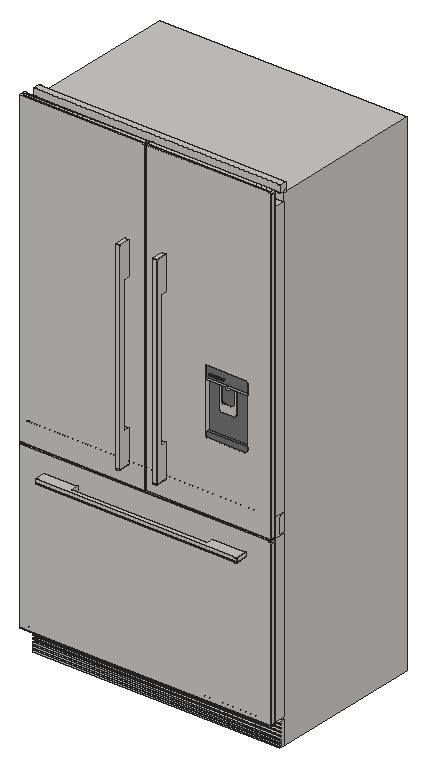
Revit family "011_FP_TheKitchenTools_RS36A72U1_Fridge", category Generic Models, Revit 2013
Parameters
  Width = 896 mm
  URL = "https://www.fisherpaykel.com/nz/kitchen/fridges-freezers/french-door/"
  Model = "RS36A72U1_Fridge"
  Manufacturer = "Fisher & Paykel"
  Main = Stainless Steel, Polished
  Legs = Rubber, Black
  Height = 1824.931 mm
  Handles = Stainless Steel, Polished
  Grille = Stainless Steel, Polished
  Doors = Stainless Steel, Polished
  Depth = 606.321 mm
Reference planes
  plane 1 "Center (Front/Back)": y = 0
  plane 2: z = 0
  plane 3 "Center (Left/Right)": x = 0
  plane 4: y = 10.015
Dimensions and locks
  plane 4 to plane 1 "Center (Front/Back)" = 10.015 mm
  aligned and locked: plane 2 to level
Nested families
  nested 1: "Fridge11" at (0, 0, -0.131), type "Fridge11"
Definition of nested family "Fridge11"
  Parameters (values of type "Fridge11")
    width = 896 mm
    height = 1824.931 mm
    depth = 606.321 mm
    Main = Stainless Steel, Polished
    Legs = Rubber, Black
    Ice = Rubber, Black
    Handles = Stainless Steel, Polished
    Grille = Stainless Steel, Polished
    Doors = Stainless Steel, Polished
  Reference planes
    plane 1 "Center (Front/Back)": y = 0
    plane 2: z = 0
    plane 3 "Center (Left/Right)": x = 0
    plane 4: x = -448
    plane 5: x = 448
    plane 6: x = -445
    plane 7: x = 445
    plane 8: y = 618
    plane 9: y = 68
    plane 10: z = 1798
    plane 11: z = 1493.8
    plane 12: z = 1392.201
    plane 13: z = 1793.5
    plane 14: z = 762.6
    plane 15: z = 759.5
    plane 16: z = 697.5
    plane 17: z = 692.5
    plane 18: z = 702
    plane 19: z = 698
    plane 20: x = -438
    plane 21: x = 59
    plane 22: x = 75
    plane 23: x = 444
    plane 24 "Ice": y = 8
    plane 25: y = 18
    plane 26: y = 13
    plane 27: y = 1.046
    plane 28 "Top": z = 1824.931
    plane 29: x = 449.2
    plane 30: x = -2
    plane 31: x = 2
    plane 32: z = 1157.731
  Forms (mm)
    Extrusion 1, solid, material "Stainless Steel, Polished" <- "Main"
      sketch origin (0, 0, 0) x (0, 1, 0) y (0, 0, 1)
        loop
          line (621, 6.131) -> (621, 1793.631) -> (68, 1793.631) -> (68, 6.131) -> (621, 6.131)
      from -445 to 445
    Extrusion 2, solid, material "Stainless Steel, Polished" <- "Main"
      sketch origin (0, 0, 0) x (0, 1, 0) y (0, 0, 1)
        loop
          arc (51.996, 759.631) -> (51.292, 759.34) -> (51, 758.636) r 0.996
          line (51, 758.636) -> (51, 698.631)
          arc (51, 698.631) -> (51.293, 697.924) -> (52, 697.631) r 1
          line (52, 697.631) -> (67, 697.631)
          arc (67, 697.631) -> (67.707, 697.338) -> (68, 696.631) r 1
          line (68, 696.631) -> (68, 760.631)
          arc (68, 760.631) -> (67.707, 759.924) -> (67, 759.631) r 1
          line (67, 759.631) -> (51.996, 759.631)
      from -445 to 445
    Extrusion 3, solid, material "Stainless Steel, Polished" <- "Main"
      sketch origin (0, 0, 0) x (0, 1, 0) y (0, 0, 1)
        loop
          line (68, 692.631) -> (22.1, 692.631)
          arc (22.1, 692.631) -> (21.322, 692.309) -> (21, 691.531) r 1.1
          line (21, 691.531) -> (21, 101.731)
          arc (21, 101.731) -> (21.322, 100.954) -> (22.1, 100.631) r 1.1
          line (22.1, 100.631) -> (68, 100.631) -> (68, 692.631)
        loop
          line (68, 762.731) -> (68, 1763.731) -> (22.089, 1763.731)
          arc (22.089, 1763.731) -> (21.319, 1763.412) -> (21, 1762.642) r 1.089
          line (21, 1762.642) -> (21, 763.825)
          arc (21, 763.825) -> (21.32, 763.052) -> (22.093, 762.731) r 1.093
          line (22.093, 762.731) -> (68, 762.731)
      from -445 to 445
    Extrusion 4, solid, material "Stainless Steel, Polished" <- "Grille"
      sketch origin (0, 0, 0.131) x (0, 1, 0) y (0, 0, 1)
        loop
          line (68, 6) -> (68, 90.305) -> (50.5, 90) -> (50.5, 85.5) -> (58.5, 85.081) -> (58.5, 78.313) -> (50.5, 76.903) -> (50.5, 72.403) -> (58.5, 71.984) -> (58.5, 65.216) -> (50.5, 63.806) -> (50.5, 59.306) -> (58.5, 58.886) -> (58.5, 52.119) -> (50.5, 50.709) -> (50.5, 46.209) -> (58.5, 45.789) -> (58.5, 39.022) -> (50.5, 37.611) -> (50.5, 33.111) -> (58.5, 32.692) -> (58.5, 25.925) -> (50.5, 24.514) -> (50.5, 20.014) -> (58.5, 19.595) -> (58.5, 12.828) -> (50.5, 11.417) -> (50.5, 6.917) -> (68, 6)
      from -445 to 445
    Extrusion 5, solid, material "Rubber, Black" <- "Legs"
      sketch origin (0, 0, 0.131) x (0, 1, 0) y (0, 0, 1)
        loop
          line (610.248, 6) -> (577.752, 6)
          arc (577.752, 6) -> (594, 0) -> (610.248, 6) r 25
        loop
          line (114.248, 6) -> (81.752, 6)
          arc (81.752, 6) -> (98, 0) -> (114.248, 6) r 25
      from 385 to 435
    Extrusion 6, solid, material "Rubber, Black" <- "Legs"
      sketch origin (0, 0, 17.3) x (0, 1, 0) y (0, 0, -1)
        loop
          arc (610.248, 11.168) -> (594, 17.168) -> (577.752, 11.168) r 25
          line (577.752, 11.168) -> (610.248, 11.168)
        loop
          arc (114.251, 11.168) -> (98.003, 17.168) -> (81.755, 11.168) r 25
          line (81.755, 11.168) -> (114.251, 11.168)
      from 385 to 435
    Extrusion 7, void
      sketch origin (0, 0, 0) x (0, 1, 0) y (0, 0, 1)
        loop
          line (0, 702.131) -> (1.7, 702.131)
          arc (1.7, 702.131) -> (0.498, 702.629) -> (0, 703.831) r 1.7
          line (0, 703.831) -> (0, 702.131)
        loop
          line (18, 702.131) -> (18, 703.831)
          arc (18, 703.831) -> (17.502, 702.629) -> (16.3, 702.131) r 1.7
          line (16.3, 702.131) -> (18, 702.131)
        loop
          line (18, 698.131) -> (16.3, 698.131)
          arc (16.3, 698.131) -> (17.502, 697.633) -> (18, 696.431) r 1.7
          line (18, 696.431) -> (18, 698.131)
        loop
          arc (0, 696.431) -> (0.498, 697.633) -> (1.7, 698.131) r 1.7
          line (1.7, 698.131) -> (0, 698.131) -> (0, 696.431)
        loop
          line (0, 101.731) -> (1.7, 101.731)
          arc (1.7, 101.731) -> (0.498, 102.229) -> (0, 103.431) r 1.7
          line (0, 103.431) -> (0, 101.731)
        loop
          arc (0, 1822.901) -> (0.595, 1824.337) -> (2.03, 1824.931) r 2.03
          line (2.03, 1824.931) -> (0, 1824.931) -> (0, 1822.901)
        loop
          arc (16.3, 1824.931) -> (17.502, 1824.433) -> (18, 1823.231) r 1.7
          line (18, 1823.231) -> (18, 1824.931) -> (16.3, 1824.931)
      from -453.2 to 453.2
    Extrusion 8, void
      sketch origin (233.75, 0, 109.131) x (1, 0, 0) y (0, 0, 1)
        loop
          line (-16.25, 1072.601) -> (-16.25, 853.001)
          arc (-16.25, 853.001) -> (-13.907, 847.344) -> (-8.25, 845.001) r 8
          line (-8.25, 845.001) -> (126.25, 845.001)
          arc (126.25, 845.001) -> (131.907, 847.344) -> (134.25, 853.001) r 8
          line (134.25, 853.001) -> (134.25, 1072.601)
          arc (134.25, 1072.601) -> (131.907, 1078.257) -> (126.25, 1080.601) r 8
          line (126.25, 1080.601) -> (-8.25, 1080.601)
          arc (-8.25, 1080.601) -> (-13.907, 1078.257) -> (-16.25, 1072.601) r 8
      from -18 to 0
    Extrusion 9, solid, material "Rubber, Black" <- "Ice"
      sketch origin (0, 0, -100) x (1, 0, 0) y (0, 0, 1)
        loop
          line (217.5, 1246.731) -> (368, 1246.731) -> (368, 1281.731)
          arc (368, 1281.731) -> (365.657, 1287.388) -> (360, 1289.731) r 8
          line (360, 1289.731) -> (225.5, 1289.731)
          arc (225.5, 1289.731) -> (219.843, 1287.388) -> (217.5, 1281.731) r 8
          line (217.5, 1281.731) -> (217.5, 1246.731)
        loop
          line (217.5, 1074.131) -> (217.5, 1062.131)
          arc (217.5, 1062.131) -> (219.843, 1056.474) -> (225.5, 1054.131) r 8
          line (225.5, 1054.131) -> (360, 1054.131)
          arc (360, 1054.131) -> (365.657, 1056.474) -> (368, 1062.131) r 8
          line (368, 1062.131) -> (368, 1074.131) -> (217.5, 1074.131)
      from -13 to -1.046
    Extrusion 10, solid, material "Rubber, Black" <- "Ice"
      sketch origin (0, 0, 0.131) x (1, 0, 0) y (0, 0, 1)
        loop
          arc (217.5, 962) -> (219.843, 956.343) -> (225.5, 954) r 8
          line (225.5, 954) -> (360, 954)
          arc (360, 954) -> (365.657, 956.343) -> (368, 962) r 8
          line (368, 962) -> (368, 1181.6)
          arc (368, 1181.6) -> (365.657, 1187.257) -> (360, 1189.6) r 8
          line (360, 1189.6) -> (225.5, 1189.6)
          arc (225.5, 1189.6) -> (219.843, 1187.257) -> (217.5, 1181.6) r 8
          line (217.5, 1181.6) -> (217.5, 962)
      from -18 to -13
    Extrusion 11, solid, material "Stainless Steel, Polished" <- "Main"
      sketch origin (0, 0, 0.131) x (1, 0, 0) y (0, 0, 1)
        loop
          line (217.5, 1146.6) -> (217.5, 1141.1) -> (368, 1141.1) -> (368, 1146.6) -> (217.5, 1146.6)
      from -13 to 0
    Revolve 12, solid, material "Stainless Steel, Polished" <- "Main"
      sketch origin (0, 8, 0.131) x (0, 0, 1) y (-1, 0, 0)
        loop
          line (1141.1, -292.75) -> (1133.1, -292.75) -> (1133.1, -300.25) -> (1141.1, -300.25) -> (1141.1, -292.75)
        axis (1141.1, -292.75) -> (1133.1, -292.75)
      angle from 0 to 360
    Extrusion 13, solid, material "Stainless Steel, Polished" <- "Main"
      sketch origin (0, 0, 0.131) x (1, 0, 0) y (0, 0, 1)
        loop
          line (262.75, 1141.1) -> (262.75, 1059.1)
          arc (262.75, 1059.1) -> (265.093, 1053.443) -> (270.75, 1051.1) r 8
          line (270.75, 1051.1) -> (314.75, 1051.1)
          arc (314.75, 1051.1) -> (320.407, 1053.443) -> (322.75, 1059.1) r 8
          line (322.75, 1059.1) -> (322.75, 1141.1) -> (316.25, 1141.1) -> (316.25, 1088.1)
          arc (316.25, 1088.1) -> (313.907, 1082.443) -> (308.25, 1080.1) r 8
          line (308.25, 1080.1) -> (277.25, 1080.1)
          arc (277.25, 1080.1) -> (271.593, 1082.443) -> (269.25, 1088.1) r 8
          line (269.25, 1088.1) -> (269.25, 1141.1) -> (262.75, 1141.1)
      from -8 to -6.306
    Extrusion 14, solid, material "Stainless Steel, Polished" <- "Doors"
      sketch origin (-5.2, 0, 0) x (1, 0, 0) y (0, 0, 1)
        loop
          arc (-444.5, 1824.931) -> (-446.975, 1823.906) -> (-448, 1821.431) r 3.5
          line (-448, 1821.431) -> (-448, 705.631)
          arc (-448, 705.631) -> (-446.975, 703.156) -> (-444.5, 702.131) r 3.5
          line (-444.5, 702.131) -> (-0.3, 702.131)
          arc (-0.3, 702.131) -> (2.175, 703.156) -> (3.2, 705.631) r 3.5
          line (3.2, 705.631) -> (3.2, 1821.431)
          arc (3.2, 1821.431) -> (2.175, 1823.906) -> (-0.3, 1824.931) r 3.5
          line (-0.3, 1824.931) -> (-444.5, 1824.931)
        loop
          line (10.7, 702.131) -> (454.9, 702.131)
          arc (454.9, 702.131) -> (457.375, 703.156) -> (458.4, 705.631) r 3.5
          line (458.4, 705.631) -> (458.4, 1821.431)
          arc (458.4, 1821.431) -> (457.375, 1823.906) -> (454.9, 1824.931) r 3.5
          line (454.9, 1824.931) -> (10.7, 1824.931)
          arc (10.7, 1824.931) -> (8.225, 1823.906) -> (7.2, 1821.431) r 3.5
          line (7.2, 1821.431) -> (7.2, 705.631)
          arc (7.2, 705.631) -> (8.225, 703.156) -> (10.7, 702.131) r 3.5
        loop
          arc (-444.5, 698.131) -> (-446.975, 697.106) -> (-448, 694.631) r 3.5
          line (-448, 694.631) -> (-448, 105.231)
          arc (-448, 105.231) -> (-446.975, 102.756) -> (-444.5, 101.731) r 3.5
          line (-444.5, 101.731) -> (454.9, 101.731)
          arc (454.9, 101.731) -> (457.375, 102.756) -> (458.4, 105.231) r 3.5
          line (458.4, 105.231) -> (458.4, 694.631)
          arc (458.4, 694.631) -> (457.375, 697.106) -> (454.9, 698.131) r 3.5
          line (454.9, 698.131) -> (-444.5, 698.131)
      from -18 to 0
    Extrusion 15, solid, material "Stainless Steel, Polished" <- "Main"
      sketch origin (0, 0, 0) x (0, 1, 0) y (0, 0, 1)
        loop
          line (68, 1793.631) -> (74.8, 1793.631) -> (74.8, 1800.968) -> (68, 1800.968) -> (68, 1793.631)
      from -445 to 445
    Extrusion 16, solid, material "Stainless Steel, Polished" <- "Main"
      sketch origin (0, 0, 0) x (0, 1, 0) y (0, 0, 1)
        loop
          line (74.294, 1824.631) -> (55.298, 1824.631)
          arc (55.298, 1824.631) -> (54.946, 1824.485) -> (54.8, 1824.133) r 0.498
          line (54.8, 1824.133) -> (54.8, 1797.137)
          arc (54.8, 1797.137) -> (54.948, 1796.779) -> (55.306, 1796.631) r 0.506
          line (55.306, 1796.631) -> (74.298, 1796.631)
          arc (74.298, 1796.631) -> (74.653, 1796.779) -> (74.8, 1797.134) r 0.502
          line (74.8, 1797.134) -> (74.8, 1824.125)
          arc (74.8, 1824.125) -> (74.652, 1824.483) -> (74.294, 1824.631) r 0.506
      from -445 to 445
    Extrusion 17, solid, material "Stainless Steel, Polished" <- "Main"
      sketch origin (0, 0, 0) x (0, 1, 0) y (0, 0, 1)
        loop
          line (68, 1763.731) -> (18, 1763.731) -> (18, 101.731) -> (68, 101.731) -> (68, 1763.731)
      from -443.9 to 444
    Extrusion 18, void
      sketch origin (0, 0, 0) x (1, 0, 0) y (0, 1, 0)
        loop
          arc (-453.2, 16.03) -> (-452.699, 17.348) -> (-451.45, 18) r 1.984
          line (-451.45, 18) -> (-453.2, 18) -> (-453.2, 16.03)
        loop
          line (-453.2, 2.03) -> (-453.2, 0) -> (-451.17, 0)
          arc (-451.17, 0) -> (-452.605, 0.595) -> (-453.2, 2.03) r 2.03
        loop
          line (453.2, 16.03) -> (453.2, 18) -> (451.45, 18)
          arc (451.45, 18) -> (452.699, 17.348) -> (453.2, 16.03) r 1.984
        loop
          arc (453.2, 2.03) -> (452.605, 0.595) -> (451.17, 0) r 2.03
          line (451.17, 0) -> (453.2, 0) -> (453.2, 2.03)
      from 0 to 1841.054
    Extrusion 19, void
      sketch origin (0, 0, 0) x (1, 0, 0) y (0, 1, 0)
        loop
          arc (-3.7, 18) -> (-2.498, 17.502) -> (-2, 16.3) r 1.7
          line (-2, 16.3) -> (-2, 18) -> (-3.7, 18)
        loop
          arc (-2, 1.7) -> (-2.498, 0.498) -> (-3.7, 0) r 1.7
          line (-3.7, 0) -> (-2, 0) -> (-2, 1.7)
        loop
          line (3.7, 18) -> (2, 18) -> (2, 16.3)
          arc (2, 16.3) -> (2.498, 17.502) -> (3.7, 18) r 1.7
        loop
          line (2, 1.7) -> (2, 0) -> (3.7, 0)
          arc (3.7, 0) -> (2.498, 0.498) -> (2, 1.7) r 1.7
      from 702 to 1828.108
    Extrusion 20, void
      sketch origin (0, 0, 0) x (1, 0, 0) y (0, 1, 0)
        loop
          line (-445, 22.1) -> (-445, 21) -> (-443.9, 21)
          arc (-443.9, 21) -> (-444.678, 21.322) -> (-445, 22.1) r 1.1
        loop
          line (443.9, 21) -> (445, 21) -> (445, 22.1)
          arc (445, 22.1) -> (444.678, 21.322) -> (443.9, 21) r 1.1
      from 0 to 1826.624
  Cuts and joins
    Extrusion 7, Extrusion 8, Extrusion 18, Extrusion 19 cuts Extrusion 14
    Extrusion 19 cuts Extrusion 17
    Extrusion 20 cuts Extrusion 3
  Dimensions and locks
    "width": plane 4 to plane 5
    locked: plane 6 to plane 20 at 7
    plane 3 "Center (Left/Right)" to plane 21 = 59 mm
    plane 3 "Center (Left/Right)" to plane 22 = 75 mm
    level to Extrusion 5 = 6.131 mm
    plane 23 to plane 5 = 4 mm
    equal spacing: plane 25, plane 26, plane 24 "Ice"
    locked: plane 27 to plane 1 "Center (Front/Back)" at 1.046
    "height": plane 28 "Top" to level
    equal spacing: plane 31, plane 3 "Center (Left/Right)", plane 30
    plane 3 "Center (Left/Right)" to plane 30 = 2 mm
    plane 32 to Extrusion 11 = 11 mm
    aligned and locked: plane 2 to level
    aligned and locked: Extrusion 9 to Extrusion 11
    aligned and locked: Extrusion 8 to plane 25
    aligned and locked: Extrusion 11 to Extrusion 10
    aligned and locked: plane 26 to Extrusion 10
    aligned and locked: Extrusion 13 to plane 24 "Ice"
    aligned and locked: Extrusion 9 to plane 27
  Automatic sketch dimensions
    Extrusion 1 sketch curve to plane 9 = 0 mm
    plane 8 to Extrusion 1 sketch curve = 3 mm
    plane 13 to Extrusion 1 sketch curve = 0.131 mm
    level to Extrusion 1 sketch curve = 6.131 mm
    plane 15 to Extrusion 2 sketch curve = 0.131 mm
    plane 16 to Extrusion 2 sketch curve = 0.131 mm
    Extrusion 2 sketch curve to plane 9 = 0 mm
    Extrusion 2 sketch curve to plane 16 = 0.869 mm
    Extrusion 2 sketch curve to plane 9 = 1 mm
    Extrusion 2 sketch curve to Extrusion 2 sketch curve = 15 mm
    Extrusion 2 sketch curve to Extrusion 2 sketch curve = 15.004 mm
    plane 19 to Extrusion 2 sketch curve = 0.631 mm
    plane 14 to Extrusion 3 sketch curve = 0.131 mm
    plane 17 to Extrusion 3 sketch curve = 0.131 mm
    Extrusion 3 sketch curve to plane 9 = 0 mm  (x2)
    level to Extrusion 3 sketch curve = 100.631 mm
    Extrusion 3 sketch curve to plane 1 "Center (Front/Back)" = 22.1 mm  (x2)
    Extrusion 3 sketch curve to plane 1 "Center (Front/Back)" = 22.093 mm
    Extrusion 3 sketch curve to plane 1 "Center (Front/Back)" = 22.089 mm
    Extrusion 3 sketch curve to plane 17 = 0.969 mm
    plane 14 to Extrusion 3 sketch curve = 1.225 mm
    Extrusion 3 sketch curve to plane 13 = 30.858 mm
    Extrusion 4 sketch curve to plane 9 = 0 mm
    level to Extrusion 4 sketch curve = 6.131 mm
    Extrusion 4 sketch curve to plane 9 = 9.5 mm  (x3)
    Extrusion 4 sketch curve to Extrusion 4 sketch curve = 0 mm  (x3)
    Extrusion 4 sketch curve to Extrusion 4 sketch curve = 8 mm  (x7)
    level to Extrusion 4 sketch curve = 7.049 mm
    Extrusion 4 sketch curve to Extrusion 4 sketch curve = 4.5 mm  (x7)
    Extrusion 4 sketch curve to Extrusion 4 sketch curve = 1.411 mm
    Extrusion 4 sketch curve to Extrusion 4 sketch curve = 6.767 mm  (x6)
    Extrusion 4 sketch curve to Extrusion 4 sketch curve = 0.419 mm  (x6)
    Extrusion 4 sketch curve to Extrusion 4 sketch curve = 6.33 mm  (x5)
    Extrusion 4 sketch curve to Extrusion 4 sketch curve = 5.225 mm
    Extrusion 8 sketch curve to plane 23 = 226.5 mm
    plane 14 to Extrusion 8 sketch curve = 191.531 mm
    Extrusion 8 sketch curve to Extrusion 8 sketch curve = 8 mm  (x2)
    Extrusion 8 sketch curve to plane 23 = 84 mm  (x2)
    Extrusion 8 sketch curve to plane 23 = 76 mm
    Extrusion 8 sketch curve to plane 12 = 210.469 mm
    plane 22 to Extrusion 9 sketch curve = 142.5 mm
    plane 14 to Extrusion 9 sketch curve = 191.531 mm
    Extrusion 9 sketch curve to Extrusion 9 sketch curve = 8 mm  (x4)
    plane 22 to Extrusion 9 sketch curve = 150.5 mm
    Extrusion 9 sketch curve to plane 23 = 84 mm  (x2)
    Extrusion 9 sketch curve to Extrusion 9 sketch curve = 12 mm
    Extrusion 9 sketch curve to Extrusion 9 sketch curve = 172.6 mm
    Extrusion 9 sketch curve to Extrusion 9 sketch curve = 35 mm
    plane 22 to Extrusion 10 sketch curve = 150.5 mm
    Extrusion 10 sketch curve to plane 23 = 84 mm  (x2)
    plane 14 to Extrusion 10 sketch curve = 191.531 mm
    Extrusion 10 sketch curve to Extrusion 10 sketch curve = 134.5 mm
    Extrusion 10 sketch curve to Extrusion 10 sketch curve = 8 mm  (x2)
    Extrusion 10 sketch curve to plane 12 = 210.469 mm
    Extrusion 11 sketch curve to plane 23 = 76 mm
    Extrusion 11 sketch curve to plane 12 = 250.969 mm
    plane 22 to Extrusion 11 sketch curve = 142.5 mm
    Extrusion 11 sketch curve to Extrusion 11 sketch curve = 5.5 mm
    Revolve 12 sketch curve to plane 12 = 258.969 mm
    Revolve 12 sketch curve to Revolve 12 sketch curve = 8 mm
    Revolve 12 sketch curve to Revolve 12 sketch curve = 0 mm  (x3)
    plane 14 to Extrusion 13 sketch curve = 288.631 mm
    Extrusion 13 sketch curve to Extrusion 13 sketch curve = 8 mm  (x2)
    Extrusion 13 sketch curve to Extrusion 13 sketch curve = 6.5 mm  (x3)
    Extrusion 13 sketch curve to Extrusion 13 sketch curve = 21 mm
    Extrusion 13 sketch curve to Extrusion 13 sketch curve = 53 mm  (x2)
    level to Extrusion 5 sketch curve = 6.131 mm  (x2)
    plane 9 to Extrusion 5 sketch curve = 13.752 mm
    Extrusion 5 sketch curve to Extrusion 5 sketch curve = 32.496 mm
    Extrusion 5 sketch curve to plane 8 = 40.248 mm
    Extrusion 5 sketch curve to plane 8 = 7.752 mm
    Extrusion 5 sketch curve to Extrusion 5 sketch curve = 19 mm  (x2)
    level to Extrusion 6 sketch curve = 6.131 mm  (x2)
    plane 9 to Extrusion 6 sketch curve = 13.755 mm
    Extrusion 6 sketch curve to Extrusion 6 sketch curve = 32.496 mm
    Extrusion 6 sketch curve to plane 8 = 40.248 mm
    Extrusion 6 sketch curve to plane 8 = 7.752 mm
    Extrusion 6 sketch curve to Extrusion 6 sketch curve = 19 mm  (x2)
    Extrusion 14 sketch curve to plane 4 = 5.2 mm  (x2)
    plane 18 to Extrusion 14 sketch curve = 0.131 mm  (x2)
    plane 19 to Extrusion 14 sketch curve = 0.131 mm
    Extrusion 14 sketch curve to plane 20 = 11.7 mm
    plane 5 to Extrusion 14 sketch curve = 1.7 mm  (x2)
    level to Extrusion 14 sketch curve = 101.731 mm
    Extrusion 14 sketch curve to plane 6 = 4.7 mm  (x3)
    Extrusion 14 sketch curve to plane 3 "Center (Left/Right)" = 5.5 mm  (x2)
    Extrusion 14 sketch curve to plane 3 "Center (Left/Right)" = 2 mm
    Extrusion 14 sketch curve to Extrusion 14 sketch curve = 4 mm
    Extrusion 14 sketch curve to Extrusion 14 sketch curve = 3.5 mm  (x2)
    plane 3 "Center (Left/Right)" to Extrusion 14 sketch curve = 5.5 mm
    plane 23 to Extrusion 14 sketch curve = 5.7 mm
    Extrusion 14 sketch curve to Extrusion 14 sketch curve = 0 mm
    plane 17 to Extrusion 14 sketch curve = 2.131 mm
    plane 13 to Extrusion 14 sketch curve = 27.931 mm
    plane 10 to Extrusion 14 sketch curve = 23.431 mm
    Extrusion 7 sketch curve to plane 1 "Center (Front/Back)" = 0 mm  (x4)
    Extrusion 7 sketch curve to plane 28 "Top" = 0 mm  (x2)
    Extrusion 7 sketch curve to plane 25 = 0 mm  (x3)
    level to Extrusion 7 sketch curve = 101.731 mm
    plane 18 to Extrusion 7 sketch curve = 0.131 mm  (x2)
    Extrusion 7 sketch curve to plane 27 = 0.654 mm  (x3)
    plane 19 to Extrusion 7 sketch curve = 0.131 mm  (x2)
    Extrusion 7 sketch curve to plane 27 = 0.984 mm
    plane 25 to Extrusion 7 sketch curve = 1.7 mm  (x2)
    Extrusion 7 sketch curve to Extrusion 7 sketch curve = 1.7 mm
    Extrusion 15 sketch curve to plane 9 = 0 mm
    plane 13 to Extrusion 15 sketch curve = 0.131 mm
    plane 10 to Extrusion 15 sketch curve = 2.968 mm
    Extrusion 15 sketch curve to Extrusion 15 sketch curve = 6.8 mm
    Extrusion 16 sketch curve to plane 10 = 0.863 mm
    Extrusion 16 sketch curve to plane 9 = 13.2 mm
    Extrusion 16 sketch curve to plane 10 = 1.369 mm
    Extrusion 16 sketch curve to plane 28 "Top" = 0.3 mm
    Extrusion 16 sketch curve to Extrusion 16 sketch curve = 0.498 mm
    plane 9 to Extrusion 16 sketch curve = 6.294 mm
    plane 9 to Extrusion 16 sketch curve = 6.298 mm
    Extrusion 16 sketch curve to Extrusion 16 sketch curve = 0.506 mm
    Extrusion 17 sketch curve to plane 25 = 0 mm
    Extrusion 17 sketch curve to plane 9 = 0 mm
    level to Extrusion 17 sketch curve = 101.731 mm
    Extrusion 17 sketch curve to plane 13 = 29.769 mm
    Revolve 12 sketch curve to Revolve 12 sketch curve = 7.5 mm
    Extrusion 13 sketch curve to plane 32 = 98.5 mm
    Extrusion 13 sketch curve to Extrusion 13 sketch curve = 31 mm
    Revolve 12 sketch curve to plane 23 = 143.75 mm
    Extrusion 13 sketch curve to plane 23 = 181.25 mm
    plane 25 to Extrusion 18 sketch curve = 0 mm  (x2)
    plane 1 "Center (Front/Back)" to Extrusion 18 sketch curve = 0 mm  (x2)
    plane 25 to Extrusion 18 sketch curve = 1.97 mm  (x2)
    Extrusion 18 sketch curve to plane 4 = 5.2 mm  (x2)
    Extrusion 18 sketch curve to plane 27 = 0.984 mm  (x2)
    Extrusion 18 sketch curve to Extrusion 18 sketch curve = 1.75 mm  (x2)
    plane 29 to Extrusion 18 sketch curve = 1.97 mm
    plane 29 to Extrusion 18 sketch curve = 2.25 mm
    plane 1 "Center (Front/Back)" to Extrusion 19 sketch curve = 0 mm  (x2)
    plane 25 to Extrusion 19 sketch curve = 0 mm  (x2)
    Extrusion 19 sketch curve to plane 30 = 0 mm  (x2)
    Extrusion 19 sketch curve to plane 31 = 0 mm  (x2)
    Extrusion 19 sketch curve to plane 30 = 1.7 mm  (x2)
    Extrusion 19 sketch curve to Extrusion 19 sketch curve = 1.7 mm  (x2)
    Extrusion 19 sketch curve to Extrusion 19 sketch curve = 0 mm  (x2)
    Extrusion 20 sketch curve to plane 6 = 0 mm
    Extrusion 20 sketch curve to plane 7 = 0 mm
    Extrusion 20 sketch curve to plane 25 = 3 mm
    Extrusion 20 sketch curve to Extrusion 20 sketch curve = 1.1 mm
    Extrusion 20 sketch curve to plane 23 = 0.1 mm
    Extrusion 20 sketch curve to plane 25 = 4.1 mm
  Nested families
    nested 1: "Logo" at (254.563, 1.046, 1157.731) x (1, 0, 0) z (0, -1, 0), type "Logo"
    nested 2: "Fridge handle" at (-75.3, 0, 1130.431) x (1, 0, 0) z (0, -1, 0), type "Fridge handle"
    nested 3: "Fridge handle" at (59.3, 0, 1130.431) x (1, 0, 0) z (0, -1, 0), type "Fridge handle"
    nested 4: "Fridge handle" at (0, 0, 617.431) x (0, 0, 1) z (0, -1, 0), type "Fridge handle"
  Definition of nested family "Logo"
    Parameters (values of type "Logo")
      thickness = 1 mm
      Logo = Stainless Steel, Polished
      Default Elevation = 1219.2 mm
    Reference planes
      plane 1 "Center (Front/Back)": y = 0
      plane 2: z = 0
      plane 3 "Center (Left/Right)": x = 0
    Forms (mm)
      Extrusion 1, solid
        sketch origin (0, 0, 0) x (1, 0, 0) y (0, 1, 0)
          loop
            line (-1219.2, 1219.2) -> (-1219.2, -1219.2) -> (1219.2, -1219.2) -> (1219.2, 1219.2) -> (-1219.2, 1219.2)
        from 0 to -304.8
      Extrusion 2, solid, material "Stainless Steel, Polished" <- "Logo"
        sketch origin (0, 0, 0) x (1, 0, 0) y (0, 1, 0)
          loop
            line (-25.636, 5.356) -> (-27.063, 0) -> (-25.777, 0) -> (-25.195, 2.201) -> (-22.213, 2.201) -> (-21.982, 3.051) -> (-24.965, 3.051) -> (-24.582, 4.506) -> (-21.439, 4.506) -> (-21.209, 5.356) -> (-25.636, 5.356)
          loop
            line (-21.053, 4.587) -> (-19.918, 4.587) -> (-19.707, 5.356) -> (-20.842, 5.356) -> (-21.053, 4.587)
          loop
            line (-21.275, 3.75) -> (-22.268, 0) -> (-21.133, 0) -> (-20.139, 3.75) -> (-21.275, 3.75)
          loop
            line (26.802, 0) -> (27.938, 0) -> (29.364, 5.356) -> (28.228, 5.356) -> (26.802, 0)
          loop
            spline (-14.365, 2.128) -> (-14.2, 2.486) -> (-14.024, 2.738) -> (-13.836, 2.903) -> (-13.635, 2.998) -> (-13.421, 3.042) -> (-13.191, 3.053) -> (-12.947, 3.048) -> (-12.705, 3.024) -> (-12.493, 2.966) -> (-12.34, 2.856) -> (-12.275, 2.679) -> (-12.326, 2.418)
            line (-12.326, 2.418) -> (-12.969, 0) -> (-11.835, 0) -> (-11.162, 2.545)
            spline (-11.162, 2.545) -> (-11.072, 3.106) -> (-11.222, 3.451) -> (-11.486, 3.641) -> (-11.75, 3.737) -> (-11.981, 3.776) -> (-12.194, 3.784) -> (-12.401, 3.784) -> (-12.623, 3.783) -> (-12.878, 3.779) -> (-13.19, 3.745) -> (-13.585, 3.573) -> (-14.093, 3.133)
            line (-14.093, 3.133) -> (-13.502, 5.356) -> (-14.636, 5.356) -> (-16.062, 0) -> (-14.927, 0) -> (-14.365, 2.128)
          loop
            line (-5.619, 3.75) -> (-6.613, 0) -> (-5.477, 0) -> (-4.896, 2.208)
            spline (-4.896, 2.208) -> (-4.759, 2.546) -> (-4.622, 2.775) -> (-4.479, 2.919) -> (-4.329, 3) -> (-4.167, 3.039) -> (-3.989, 3.059) -> (-3.798, 3.072) -> (-3.616, 3.06) -> (-3.467, 3.001) -> (-3.378, 2.87) -> (-3.372, 2.643) -> (-3.476, 2.298)
            line (-3.476, 2.298) -> (-2.405, 2.298)
            spline (-2.405, 2.298) -> (-2.288, 3.01) -> (-2.341, 3.375) -> (-2.491, 3.535) -> (-2.666, 3.621) -> (-2.842, 3.683) -> (-3.023, 3.72) -> (-3.215, 3.733) -> (-3.426, 3.727) -> (-3.666, 3.707) -> (-3.949, 3.641) -> (-4.295, 3.439) -> (-4.726, 3.008)
            line (-4.726, 3.008) -> (-4.484, 3.75) -> (-5.619, 3.75)
          loop
            line (14.886, 0) -> (15.709, 0)
            arc (15.709, 0) -> (15.318, -0.425) -> (14.866, -0.786) r 3.794
            arc (14.866, -0.786) -> (14.438, -0.949) -> (13.985, -0.875) r 0.881
            line (13.985, -0.875) -> (13.863, -1.646)
            arc (13.863, -1.646) -> (14.372, -1.658) -> (14.878, -1.593) r 3.394
            arc (14.878, -1.593) -> (15.516, -1.344) -> (16.036, -0.897) r 2.036
            arc (16.036, -0.897) -> (16.286, -0.573) -> (16.514, -0.234) r 6.112
            line (16.514, -0.234) -> (18.804, 3.75) -> (17.629, 3.75) -> (15.87, 0.586) -> (15.55, 3.75) -> (14.345, 3.75) -> (14.886, 0)
          loop
            line (19.397, 5.356) -> (17.963, 0) -> (19.099, 0) -> (19.54, 1.662) -> (20.352, 1.662) -> (21.436, 0) -> (22.695, 0) -> (21.26, 1.983) -> (23.359, 3.75) -> (22.19, 3.75) -> (20.544, 2.289) -> (19.712, 2.289) -> (20.523, 5.356) -> (19.397, 5.356)
          loop
            line (3.741, 0) -> (5.025, 0) -> (5.488, 1.726) -> (6.984, 1.726)
            spline (6.984, 1.726) -> (8.011, 1.772) -> (8.708, 1.9) -> (9.168, 2.096) -> (9.48, 2.345) -> (9.704, 2.645) -> (9.872, 3.001) -> (10.016, 3.419) -> (10.158, 3.898) -> (10.205, 4.398) -> (10.004, 4.852) -> (9.404, 5.193) -> (8.25, 5.356)
            line (8.25, 5.356) -> (5.166, 5.356) -> (3.741, 0)
          loop
            line (6.221, 4.506) -> (5.719, 2.61) -> (7.165, 2.61)
            spline (7.165, 2.61) -> (7.655, 2.595) -> (8.016, 2.658) -> (8.275, 2.786) -> (8.459, 2.965) -> (8.593, 3.181) -> (8.702, 3.421) -> (8.798, 3.669) -> (8.848, 3.912) -> (8.814, 4.132) -> (8.659, 4.315) -> (8.343, 4.445) -> (7.83, 4.506)
            line (7.83, 4.506) -> (6.221, 4.506)
          loop
            line (-9.646, 2.272) -> (-7.597, 2.272)
            spline (-7.597, 2.272) -> (-7.504, 2.624) -> (-7.542, 2.863) -> (-7.684, 3.01) -> (-7.901, 3.086) -> (-8.167, 3.112) -> (-8.454, 3.108) -> (-8.735, 3.092) -> (-8.998, 3.054) -> (-9.23, 2.973) -> (-9.423, 2.829) -> (-9.565, 2.602) -> (-9.646, 2.272)
          loop
            arc (-6.633, 1.711) -> (-6.486, 2.185) -> (-6.38, 2.67) r 5.692
            arc (-6.38, 2.67) -> (-6.439, 3.182) -> (-6.764, 3.582) r 0.918
            arc (-6.764, 3.582) -> (-7.803, 3.766) -> (-8.859, 3.751) r 5.573
            arc (-8.859, 3.751) -> (-9.823, 3.523) -> (-10.545, 2.844) r 1.918
            arc (-10.545, 2.844) -> (-10.971, 1.759) -> (-10.983, 0.593) r 3.23
            arc (-10.983, 0.593) -> (-10.579, 0.114) -> (-9.972, -0.04) r 1.025
            arc (-9.972, -0.04) -> (-8.962, -0.067) -> (-7.954, 0.001) r 10.666
            arc (-7.954, 0.001) -> (-7.109, 0.351) -> (-6.76, 1.196) r 1.194
            line (-6.76, 1.196) -> (-7.889, 1.196)
            spline (-7.889, 1.196) -> (-8.054, 0.917) -> (-8.266, 0.746) -> (-8.51, 0.659) -> (-8.774, 0.632) -> (-9.043, 0.642) -> (-9.304, 0.666) -> (-9.541, 0.698) -> (-9.74, 0.758) -> (-9.882, 0.868) -> (-9.951, 1.049) -> (-9.932, 1.323) -> (-9.807, 1.711)
            line (-9.807, 1.711) -> (-6.633, 1.711)
          loop
            line (23.833, 2.289) -> (25.882, 2.289)
            spline (25.882, 2.289) -> (25.975, 2.641) -> (25.937, 2.88) -> (25.796, 3.027) -> (25.578, 3.103) -> (25.313, 3.129) -> (25.026, 3.125) -> (24.744, 3.109) -> (24.482, 3.071) -> (24.249, 2.99) -> (24.057, 2.846) -> (23.915, 2.619) -> (23.833, 2.289)
          loop
            arc (26.847, 1.728) -> (26.994, 2.202) -> (27.099, 2.687) r 5.692
            arc (27.099, 2.687) -> (27.04, 3.199) -> (26.716, 3.598) r 0.918
            arc (26.716, 3.598) -> (25.676, 3.783) -> (24.62, 3.767) r 5.573
            arc (24.62, 3.767) -> (23.656, 3.54) -> (22.934, 2.861) r 1.918
            arc (22.934, 2.861) -> (22.509, 1.776) -> (22.496, 0.61) r 3.23
            arc (22.496, 0.61) -> (22.9, 0.131) -> (23.508, -0.023) r 1.025
            arc (23.508, -0.023) -> (24.518, -0.05) -> (25.526, 0.018) r 10.666
            arc (25.526, 0.018) -> (26.37, 0.368) -> (26.72, 1.213) r 1.194
            line (26.72, 1.213) -> (25.591, 1.213)
            spline (25.591, 1.213) -> (25.426, 0.934) -> (25.214, 0.763) -> (24.969, 0.676) -> (24.705, 0.649) -> (24.436, 0.659) -> (24.176, 0.683) -> (23.938, 0.715) -> (23.74, 0.775) -> (23.598, 0.885) -> (23.528, 1.066) -> (23.548, 1.339) -> (23.672, 1.728)
            line (23.672, 1.728) -> (26.847, 1.728)
          loop
            spline (14.044, 2.45) -> (14.083, 3.093) -> (13.908, 3.45) -> (13.599, 3.619) -> (13.236, 3.697) -> (12.864, 3.747) -> (12.477, 3.779) -> (12.071, 3.801) -> (11.638, 3.819) -> (11.185, 3.802) -> (10.74, 3.664) -> (10.331, 3.315) -> (9.987, 2.666)
            line (9.987, 2.666) -> (11.131, 2.666)
            arc (11.131, 2.666) -> (11.284, 3.034) -> (11.652, 3.186) r 0.521
            arc (11.652, 3.186) -> (12.214, 3.226) -> (12.766, 3.108) r 2.007
            arc (12.766, 3.108) -> (12.9, 2.434) -> (12.688, 1.781) r 1.364
            spline (12.688, 1.781) -> (11.741, 2.21) -> (10.946, 2.203) -> (10.322, 2.061) -> (9.85, 1.785) -> (9.528, 1.372) -> (9.386, 0.899) -> (9.425, 0.492) -> (9.652, 0.228) -> (10.125, 0.057) -> (10.831, -0.039) -> (11.699, 0.052) -> (12.577, 0.786)
            line (12.577, 0.786) -> (12.256, 0) -> (13.391, 0) -> (14.044, 2.45)
          loop
            spline (-20.564, 1.181) -> (-19.938, -0.022) -> (-18.64, -0.114) -> (-17.54, 0.028) -> (-16.694, 0.383) -> (-16.163, 1.017) -> (-16.109, 1.73) -> (-16.728, 2.165) -> (-17.913, 2.239) -> (-18.769, 2.363) -> (-18.879, 2.802) -> (-17.938, 3.203) -> (-16.996, 2.723)
            line (-16.996, 2.723) -> (-15.901, 2.723)
            spline (-15.901, 2.723) -> (-16.455, 3.694) -> (-17.654, 3.821) -> (-18.711, 3.764) -> (-19.535, 3.447) -> (-19.959, 2.732) -> (-19.996, 1.955) -> (-19.237, 1.627) -> (-18.151, 1.576) -> (-17.401, 1.437) -> (-17.29, 0.992) -> (-18.331, 0.524) -> (-19.275, 1.181)
            line (-19.275, 1.181) -> (-20.564, 1.181)
          loop
            arc (2.515, 1.084) -> (2.735, 1.603) -> (2.864, 2.152) r 3.302
            line (2.864, 2.152) -> (2.121, 2.393)
            arc (2.121, 2.393) -> (2.022, 1.985) -> (1.903, 1.581) r 8.608
            line (1.903, 1.581) -> (0.593, 2.643)
            spline (0.593, 2.643) -> (2.391, 3.079) -> (2.888, 3.509) -> (3.103, 4.088) -> (3.005, 4.678) -> (2.58, 4.973) -> (2.002, 5.121) -> (1.321, 5.204) -> (0.542, 5.206) -> (-0.184, 5.056) -> (-0.747, 4.694) -> (-1.141, 4.086) -> (-0.939, 2.827)
            spline (-0.939, 2.827) -> (-2.025, 2.374) -> (-2.332, 1.899) -> (-2.464, 1.424) -> (-2.548, 0.897) -> (-2.457, 0.44) -> (-2.114, 0.185) -> (-1.658, 0.045) -> (-1.167, -0.032) -> (-0.622, -0.059) -> (0.074, -0.062) -> (0.973, 0.026) -> (1.965, 0.53)
            line (1.965, 0.53) -> (2.851, -0.171) -> (3.403, 0.381) -> (2.515, 1.084)
          loop
            spline (-0.337, 2.496) -> (-1.093, 2.235) -> (-1.386, 1.796) -> (-1.531, 1.339) -> (-1.593, 0.953) -> (-1.508, 0.686) -> (-1.278, 0.537) -> (-0.956, 0.465) -> (-0.569, 0.434) -> (-0.089, 0.426) -> (0.517, 0.429) -> (1.168, 0.53) -> (1.68, 0.9)
            line (1.68, 0.9) -> (-0.337, 2.496)
          loop
            line (0.23, 2.937) -> (1.264, 3.101)
            spline (1.264, 3.101) -> (1.961, 3.463) -> (2.069, 3.864) -> (2.036, 4.136) -> (1.861, 4.283) -> (1.543, 4.338) -> (1.153, 4.344) -> (0.757, 4.324) -> (0.408, 4.274) -> (0.13, 4.171) -> (-0.11, 3.951) -> (-0.232, 3.554) -> (0.23, 2.937)
          loop
            arc (12.032, 0.807) -> (11.998, 1.346) -> (11.534, 1.622) r 0.578
            arc (11.534, 1.622) -> (11.139, 1.612) -> (10.751, 1.543) r 2.611
            arc (10.751, 1.543) -> (10.387, 1.262) -> (10.341, 0.805) r 0.582
            arc (10.341, 0.805) -> (10.721, 0.602) -> (11.136, 0.481) r 2.102
            arc (11.136, 0.481) -> (11.628, 0.522) -> (12.032, 0.807) r 0.942
        from 0 to 1
    Dimensions and locks
      "thickness": Extrusion 2 to Extrusion 1
      aligned and locked: plane 2 to Extrusion 1
      aligned and locked: level to Extrusion 1
    Automatic sketch dimensions
      Extrusion 1 sketch curve to Extrusion 1 sketch curve = 2438.4 mm  (x2)
      plane 1 "Center (Front/Back)" to Extrusion 2 sketch curve = 0 mm  (x11)
      Extrusion 2 sketch curve to plane 3 "Center (Left/Right)" = 27.063 mm
      plane 1 "Center (Front/Back)" to Extrusion 2 sketch curve = 1.646 mm
      Extrusion 2 sketch curve to Extrusion 2 sketch curve = 1.286 mm
      Extrusion 2 sketch curve to Extrusion 2 sketch curve = 0.141 mm
      Extrusion 2 sketch curve to plane 1 "Center (Front/Back)" = 2.201 mm
      Extrusion 2 sketch curve to Extrusion 2 sketch curve = 0.582 mm
      Extrusion 2 sketch curve to Extrusion 2 sketch curve = 0.231 mm  (x3)
      Extrusion 2 sketch curve to plane 1 "Center (Front/Back)" = 4.506 mm
      Extrusion 2 sketch curve to Extrusion 2 sketch curve = 1.055 mm  (x2)
      Extrusion 2 sketch curve to Extrusion 2 sketch curve = 3.509 mm
      Extrusion 2 sketch curve to Extrusion 2 sketch curve = 0.056 mm
      Extrusion 2 sketch curve to plane 1 "Center (Front/Back)" = 3.051 mm
      Extrusion 2 sketch curve to Extrusion 2 sketch curve = 0.23 mm
      Extrusion 2 sketch curve to Extrusion 2 sketch curve = 0.543 mm
      Extrusion 2 sketch curve to Extrusion 2 sketch curve = 0.165 mm
      Extrusion 2 sketch curve to plane 1 "Center (Front/Back)" = 5.356 mm  (x4)
      Extrusion 2 sketch curve to Extrusion 2 sketch curve = 1.135 mm  (x6)
      Extrusion 2 sketch curve to plane 1 "Center (Front/Back)" = 4.587 mm
      Extrusion 2 sketch curve to Extrusion 2 sketch curve = 0.386 mm
      Extrusion 2 sketch curve to Extrusion 2 sketch curve = 0.367 mm
      Extrusion 2 sketch curve to Extrusion 2 sketch curve = 0.569 mm
      Extrusion 2 sketch curve to Extrusion 2 sketch curve = 1.136 mm  (x2)
      Extrusion 2 sketch curve to Extrusion 2 sketch curve = 0.221 mm
      Extrusion 2 sketch curve to Extrusion 2 sketch curve = 0.21 mm
      Extrusion 2 sketch curve to Extrusion 2 sketch curve = 1.289 mm
      Extrusion 2 sketch curve to plane 1 "Center (Front/Back)" = 2.723 mm
      Extrusion 2 sketch curve to Extrusion 2 sketch curve = 2.279 mm
      Extrusion 2 sketch curve to Extrusion 2 sketch curve = 0.934 mm
      Extrusion 2 sketch curve to Extrusion 2 sketch curve = 1.095 mm
      Extrusion 2 sketch curve to Extrusion 2 sketch curve = 1.265 mm
      Extrusion 2 sketch curve to plane 1 "Center (Front/Back)" = 2.128 mm
      Extrusion 2 sketch curve to Extrusion 2 sketch curve = 1.536 mm
      Extrusion 2 sketch curve to plane 1 "Center (Front/Back)" = 3.133 mm
      Extrusion 2 sketch curve to Extrusion 2 sketch curve = 0.272 mm
      Extrusion 2 sketch curve to Extrusion 2 sketch curve = 1.134 mm
      Extrusion 2 sketch curve to Extrusion 2 sketch curve = 1.958 mm
      Extrusion 2 sketch curve to plane 1 "Center (Front/Back)" = 2.418 mm
      Extrusion 2 sketch curve to Extrusion 2 sketch curve = 1.767 mm
      Extrusion 2 sketch curve to plane 1 "Center (Front/Back)" = 2.545 mm
      Extrusion 2 sketch curve to Extrusion 2 sketch curve = 1.164 mm
      Extrusion 2 sketch curve to Extrusion 2 sketch curve = 1.355 mm  (x2)
      Extrusion 2 sketch curve to Extrusion 2 sketch curve = 0.161 mm  (x3)
      Extrusion 2 sketch curve to plane 1 "Center (Front/Back)" = 1.196 mm
      Extrusion 2 sketch curve to Extrusion 2 sketch curve = 1.918 mm  (x2)
      Extrusion 2 sketch curve to Extrusion 2 sketch curve = 0.291 mm  (x2)
      Extrusion 2 sketch curve to Extrusion 2 sketch curve = 1.129 mm  (x2)
      Extrusion 2 sketch curve to Extrusion 2 sketch curve = 0.127 mm  (x2)
      Extrusion 2 sketch curve to Extrusion 2 sketch curve = 0.146 mm
      Extrusion 2 sketch curve to Extrusion 2 sketch curve = 1.014 mm
      Extrusion 2 sketch curve to plane 1 "Center (Front/Back)" = 2.208 mm
      Extrusion 2 sketch curve to Extrusion 2 sketch curve = 0.723 mm
      Extrusion 2 sketch curve to Extrusion 2 sketch curve = 0.17 mm
      Extrusion 2 sketch curve to Extrusion 2 sketch curve = 0.241 mm  (x2)
      Extrusion 2 sketch curve to Extrusion 2 sketch curve = 1.42 mm
      Extrusion 2 sketch curve to Extrusion 2 sketch curve = 1.071 mm
      Extrusion 2 sketch curve to plane 3 "Center (Left/Right)" = 0.939 mm
      Extrusion 2 sketch curve to plane 3 "Center (Left/Right)" = 0.337 mm
      plane 3 "Center (Left/Right)" to Extrusion 2 sketch curve = 0.23 mm
      Extrusion 2 sketch curve to Extrusion 2 sketch curve = 0.363 mm
      Extrusion 2 sketch curve to Extrusion 2 sketch curve = 0.671 mm
      plane 3 "Center (Left/Right)" to Extrusion 2 sketch curve = 1.68 mm
      Extrusion 2 sketch curve to Extrusion 2 sketch curve = 0.224 mm
      Extrusion 2 sketch curve to plane 1 "Center (Front/Back)" = 0.53 mm
      Extrusion 2 sketch curve to Extrusion 2 sketch curve = 0.285 mm
      Extrusion 2 sketch curve to Extrusion 2 sketch curve = 0.217 mm
      Extrusion 2 sketch curve to plane 1 "Center (Front/Back)" = 1.084 mm
      Extrusion 2 sketch curve to Extrusion 2 sketch curve = 0.55 mm
      plane 1 "Center (Front/Back)" to Extrusion 2 sketch curve = 0.171 mm
      Extrusion 2 sketch curve to Extrusion 2 sketch curve = 0.886 mm
      Extrusion 2 sketch curve to plane 1 "Center (Front/Back)" = 2.152 mm
      Extrusion 2 sketch curve to Extrusion 2 sketch curve = 0.743 mm  (x2)
      Extrusion 2 sketch curve to plane 1 "Center (Front/Back)" = 0.381 mm
      Extrusion 2 sketch curve to Extrusion 2 sketch curve = 0.552 mm
      Extrusion 2 sketch curve to Extrusion 2 sketch curve = 0.338 mm
      Extrusion 2 sketch curve to Extrusion 2 sketch curve = 1.285 mm
      Extrusion 2 sketch curve to Extrusion 2 sketch curve = 2.302 mm
      Extrusion 2 sketch curve to Extrusion 2 sketch curve = 0.462 mm
      Extrusion 2 sketch curve to plane 1 "Center (Front/Back)" = 2.61 mm
      Extrusion 2 sketch curve to Extrusion 2 sketch curve = 1.496 mm
      Extrusion 2 sketch curve to Extrusion 2 sketch curve = 0.181 mm
      Extrusion 2 sketch curve to Extrusion 2 sketch curve = 1.609 mm
      Extrusion 2 sketch curve to Extrusion 2 sketch curve = 0.419 mm
      Extrusion 2 sketch curve to Extrusion 2 sketch curve = 2.822 mm
      Extrusion 2 sketch curve to Extrusion 2 sketch curve = 1.144 mm
      Extrusion 2 sketch curve to Extrusion 2 sketch curve = 1.125 mm
      Extrusion 2 sketch curve to plane 1 "Center (Front/Back)" = 0.786 mm
      Extrusion 2 sketch curve to Extrusion 2 sketch curve = 0.321 mm
      Extrusion 2 sketch curve to plane 1 "Center (Front/Back)" = 1.781 mm
      Extrusion 2 sketch curve to Extrusion 2 sketch curve = 0.111 mm
      Extrusion 2 sketch curve to Extrusion 2 sketch curve = 0.814 mm
      Extrusion 2 sketch curve to Extrusion 2 sketch curve = 0.472 mm
      plane 1 "Center (Front/Back)" to Extrusion 2 sketch curve = 0.875 mm
      Extrusion 2 sketch curve to Extrusion 2 sketch curve = 0.122 mm
      Extrusion 2 sketch curve to plane 1 "Center (Front/Back)" = 2.45 mm
      Extrusion 2 sketch curve to plane 1 "Center (Front/Back)" = 3.75 mm  (x3)
      Extrusion 2 sketch curve to Extrusion 2 sketch curve = 0.302 mm
      Extrusion 2 sketch curve to Extrusion 2 sketch curve = 0.901 mm
      Extrusion 2 sketch curve to Extrusion 2 sketch curve = 1.204 mm
      Extrusion 2 sketch curve to Extrusion 2 sketch curve = 0.822 mm
      Extrusion 2 sketch curve to plane 1 "Center (Front/Back)" = 0.586 mm
      plane 1 "Center (Front/Back)" to Extrusion 2 sketch curve = 0.234 mm
      Extrusion 2 sketch curve to Extrusion 2 sketch curve = 0.805 mm
      Extrusion 2 sketch curve to Extrusion 2 sketch curve = 2.08 mm
      Extrusion 2 sketch curve to Extrusion 2 sketch curve = 1.449 mm
      Extrusion 2 sketch curve to Extrusion 2 sketch curve = 1.175 mm
      Extrusion 2 sketch curve to Extrusion 2 sketch curve = 0.593 mm
      Extrusion 2 sketch curve to plane 1 "Center (Front/Back)" = 1.662 mm
      Extrusion 2 sketch curve to Extrusion 2 sketch curve = 0.441 mm
      Extrusion 2 sketch curve to Extrusion 2 sketch curve = 0.172 mm
      Extrusion 2 sketch curve to Extrusion 2 sketch curve = 0.812 mm  (x2)
      Extrusion 2 sketch curve to Extrusion 2 sketch curve = 1.126 mm
      Extrusion 2 sketch curve to plane 1 "Center (Front/Back)" = 2.289 mm
      Extrusion 2 sketch curve to Extrusion 2 sketch curve = 0.191 mm
      Extrusion 2 sketch curve to plane 1 "Center (Front/Back)" = 1.983 mm
      Extrusion 2 sketch curve to Extrusion 2 sketch curve = 0.717 mm
      Extrusion 2 sketch curve to Extrusion 2 sketch curve = 1.084 mm
      Extrusion 2 sketch curve to Extrusion 2 sketch curve = 0.93 mm
      Extrusion 2 sketch curve to Extrusion 2 sketch curve = 1.259 mm
      Extrusion 2 sketch curve to Extrusion 2 sketch curve = 1.169 mm
      Extrusion 2 sketch curve to Extrusion 2 sketch curve = 0.977 mm
      Extrusion 2 sketch curve to plane 1 "Center (Front/Back)" = 1.213 mm
      Extrusion 2 sketch curve to Extrusion 2 sketch curve = 0.082 mm
      Extrusion 2 sketch curve to Extrusion 2 sketch curve = 2.346 mm
      Extrusion 2 sketch curve to Extrusion 2 sketch curve = 0.336 mm
      Extrusion 2 sketch curve to Extrusion 2 sketch curve = 0.851 mm  (x2)
      Extrusion 2 sketch curve to Extrusion 2 sketch curve = 0.617 mm
      Extrusion 2 sketch curve to Extrusion 2 sketch curve = 0 mm  (x8)
      Extrusion 2 sketch curve to Extrusion 2 sketch curve = 0.228 mm  (x3)
      plane 1 "Center (Front/Back)" to Extrusion 2 sketch curve = 0.04 mm
      Extrusion 2 sketch curve to Extrusion 2 sketch curve = 0.063 mm
      Extrusion 2 sketch curve to Extrusion 2 sketch curve = 4.32 mm
      Extrusion 2 sketch curve to Extrusion 2 sketch curve = 0.731 mm  (x2)
      Extrusion 2 sketch curve to Extrusion 2 sketch curve = 0.787 mm
      Extrusion 2 sketch curve to Extrusion 2 sketch curve = 1.638 mm
      Extrusion 2 sketch curve to plane 1 "Center (Front/Back)" = 0.001 mm
      Extrusion 2 sketch curve to Extrusion 2 sketch curve = 0.089 mm  (x2)
      Extrusion 2 sketch curve to Extrusion 2 sketch curve = 0.312 mm  (x2)
      Extrusion 2 sketch curve to Extrusion 2 sketch curve = 0.522 mm  (x2)
      Extrusion 2 sketch curve to Extrusion 2 sketch curve = 0.905 mm  (x2)
      Extrusion 2 sketch curve to Extrusion 2 sketch curve = 0.471 mm
      Extrusion 2 sketch curve to Extrusion 2 sketch curve = 0.067 mm
      Extrusion 2 sketch curve to Extrusion 2 sketch curve = 0.354 mm
      Extrusion 2 sketch curve to Extrusion 2 sketch curve = 0.41 mm
      Extrusion 2 sketch curve to Extrusion 2 sketch curve = 0.145 mm
      Extrusion 2 sketch curve to Extrusion 2 sketch curve = 0.24 mm
      Extrusion 2 sketch curve to Extrusion 2 sketch curve = 0.556 mm
      Extrusion 2 sketch curve to Extrusion 2 sketch curve = 0.196 mm
      Extrusion 2 sketch curve to Extrusion 2 sketch curve = 0.854 mm
      Extrusion 2 sketch curve to Extrusion 2 sketch curve = 0.199 mm  (x2)
      Extrusion 2 sketch curve to Extrusion 2 sketch curve = 0.385 mm
      Extrusion 2 sketch curve to Extrusion 2 sketch curve = 0.022 mm
      Extrusion 2 sketch curve to Extrusion 2 sketch curve = 0.324 mm
      Extrusion 2 sketch curve to Extrusion 2 sketch curve = 0.545 mm
      Extrusion 2 sketch curve to Extrusion 2 sketch curve = 0.042 mm  (x2)
      Extrusion 2 sketch curve to Extrusion 2 sketch curve = 0.036 mm
      Extrusion 2 sketch curve to Extrusion 2 sketch curve = 0.151 mm
      plane 1 "Center (Front/Back)" to Extrusion 2 sketch curve = 0.073 mm
      Extrusion 2 sketch curve to Extrusion 2 sketch curve = 0.537 mm
      Extrusion 2 sketch curve to plane 1 "Center (Front/Back)" = 0.401 mm
      Extrusion 2 sketch curve to Extrusion 2 sketch curve = 0.119 mm
      plane 1 "Center (Front/Back)" to Extrusion 2 sketch curve = 0.786 mm
      Extrusion 2 sketch curve to Extrusion 2 sketch curve = 0.011 mm
      Extrusion 2 sketch curve to Extrusion 2 sketch curve = 0.478 mm
      Extrusion 2 sketch curve to Extrusion 2 sketch curve = 0.7 mm
      Extrusion 2 sketch curve to Extrusion 2 sketch curve = 0.425 mm
      plane 1 "Center (Front/Back)" to Extrusion 2 sketch curve = 0.023 mm
      Extrusion 2 sketch curve to Extrusion 2 sketch curve = 3.775 mm
      Extrusion 2 sketch curve to Extrusion 2 sketch curve = 1.261 mm
      Extrusion 2 sketch curve to Extrusion 2 sketch curve = 1.574 mm
      Extrusion 2 sketch curve to plane 1 "Center (Front/Back)" = 0.018 mm
      Extrusion 2 sketch curve to Extrusion 2 sketch curve = 0.371 mm
      Extrusion 2 sketch curve to plane 1 "Center (Front/Back)" = 1.181 mm
      Extrusion 2 sketch curve to Extrusion 2 sketch curve = 0.681 mm
      Extrusion 2 sketch curve to Extrusion 2 sketch curve = 0.834 mm
      Extrusion 2 sketch curve to Extrusion 2 sketch curve = 0.884 mm
      Extrusion 2 sketch curve to plane 1 "Center (Front/Back)" = 1.728 mm
      Extrusion 2 sketch curve to Extrusion 2 sketch curve = 0.561 mm  (x2)
      Extrusion 2 sketch curve to Extrusion 2 sketch curve = 0.331 mm
      Extrusion 2 sketch curve to Extrusion 2 sketch curve = 0.133 mm
      Extrusion 2 sketch curve to Extrusion 2 sketch curve = 0.147 mm
      Extrusion 2 sketch curve to Extrusion 2 sketch curve = 0.335 mm
      Extrusion 2 sketch curve to Extrusion 2 sketch curve = 0.197 mm
      Extrusion 2 sketch curve to Extrusion 2 sketch curve = 0.294 mm
      Extrusion 2 sketch curve to Extrusion 2 sketch curve = 0.8 mm
      Extrusion 2 sketch curve to Extrusion 2 sketch curve = 0.458 mm
      Extrusion 2 sketch curve to Extrusion 2 sketch curve = 0.756 mm
      Extrusion 2 sketch curve to Extrusion 2 sketch curve = 1.896 mm
      Extrusion 2 sketch curve to Extrusion 2 sketch curve = 2.224 mm
      plane 1 "Center (Front/Back)" to Extrusion 2 sketch curve = 1.789 mm
      plane 1 "Center (Front/Back)" to Extrusion 2 sketch curve = 1.772 mm
      plane 1 "Center (Front/Back)" to Extrusion 2 sketch curve = 0.986 mm
      Extrusion 2 sketch curve to plane 1 "Center (Front/Back)" = 0.481 mm
      Extrusion 2 sketch curve to plane 1 "Center (Front/Back)" = 0.593 mm
      Extrusion 2 sketch curve to plane 1 "Center (Front/Back)" = 0.61 mm
      Extrusion 2 sketch curve to Extrusion 2 sketch curve = 0.054 mm  (x2)
      Extrusion 2 sketch curve to Extrusion 2 sketch curve = 0.417 mm
  Definition of nested family "Fridge handle"
    Parameters (values of type "Fridge handle")
      Handle = Stainless Steel, Polished
      Default Elevation = 1219.2 mm
    Reference planes
      plane 1 "Center (Front/Back)": y = 0
      plane 2: z = 0
      plane 3 "Center (Left/Right)": x = 0
    Forms (mm)
      Extrusion 1, solid
        sketch origin (0, 0, 0) x (1, 0, 0) y (0, 1, 0)
          loop
            line (-1219.2, 1219.2) -> (-1219.2, -1219.2) -> (1219.2, -1219.2) -> (1219.2, 1219.2) -> (-1219.2, 1219.2)
        from 0 to -304.8
      Extrusion 2, solid, material "Stainless Steel, Polished" <- "Handle"
        sketch origin (0, 0, 0) x (0, 1, 0) y (0, 0, 1)
          loop
            line (363.5, 0) -> (363.5, 40) -> (362.5, 41) -> (-362.5, 41) -> (-363.5, 40) -> (-363.5, 0) -> (-243.3, 0) -> (-243.3, 25) -> (243.3, 25) -> (243.3, 0) -> (363.5, 0)
        from 0 to 16
      Extrusion 3, void
        sketch origin (0, 0, 0) x (1, 0, 0) y (0, 1, 0)
          loop
            line (0, -362.5) -> (0, -363.5) -> (1, -363.5) -> (0, -362.5)
          loop
            line (15, -363.5) -> (16, -363.5) -> (16, -362.5) -> (15, -363.5)
          loop
            line (16, 362.5) -> (16, 363.5) -> (15, 363.5) -> (16, 362.5)
          loop
            line (0, 362.5) -> (1, 363.5) -> (0, 363.5) -> (0, 362.5)
        from 0 to 48.737
      Extrusion 4, void
        sketch origin (0, 0, 0) x (1, 0, 0) y (0, 0, 1)
          loop
            arc (0, 39.5) -> (0.439, 40.561) -> (1.5, 41) r 1.5
            line (1.5, 41) -> (0, 41) -> (0, 39.5)
          loop
            line (16, 39.494) -> (16, 41) -> (14.494, 41)
            arc (14.494, 41) -> (15.559, 40.559) -> (16, 39.494) r 1.506
        from -366.6 to 364.091
    Cuts and joins
      Extrusion 3, Extrusion 4 cuts Extrusion 2
    Dimensions and locks
      aligned and locked: plane 2 to Extrusion 1
      aligned and locked: level to Extrusion 1
